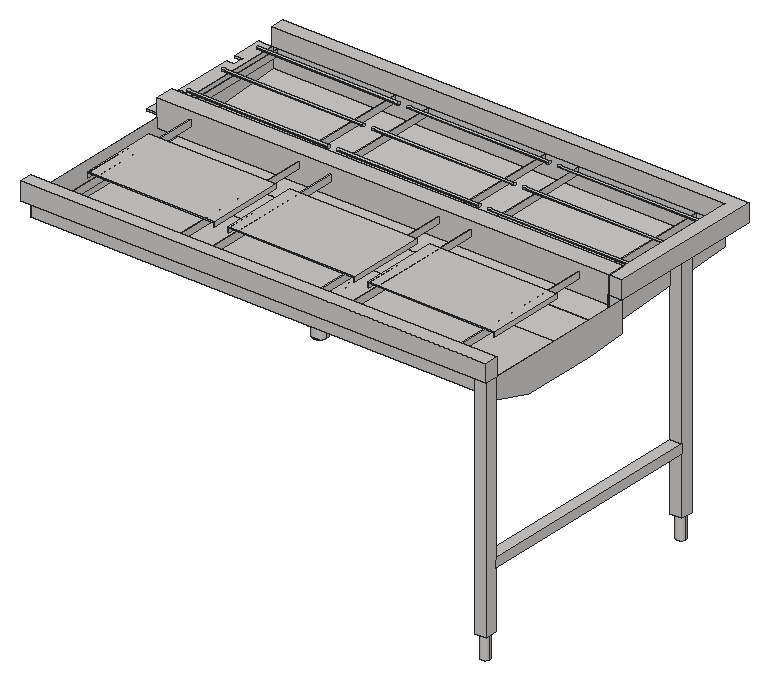
Revit family "QF_ZANUSSI_865468_HSDDPTS3LR", category Attrezzature speciali, Revit 2020
Family settings
  Quota connettore circolare = Usa diametro
  Tipo di parte = Normale
  Basato su piano di lavoro = No
  Sempre verticale = Sì
  Taglio con vuoti quando caricato = No
  Condiviso = No
  Punto di calcolo locali = No
Parameters (values of type "Standard")
  Weight = 42.00 kg
  Watts = 0 W
  Volts = 0 V
  URL Manufacturer = "http://www.zanussiprofessional.com"
  URL = "http://www.zanussiprofessional.com"
  Steam Supply Size = 0 mm
  Steam Supply Minimum Pressure = 0.0 Pa
  Steam Supply Maximum Pressure = 0.0 Pa
  Steam Consumption per Hour = 0
  Refrigeration Suction Line Size = 0 mm
  Refrigeration Liquid Line Size = 0 mm
  Refrigerant Compressor Remote = yes
  Prospetto di default = 0 mm
  Produttore = "Zanussi"
  Phase = 0
  Modello = "HSDDPTS3LR"
  Length Actual = 1576 mm  # constant formula
  Item Number = "865468"
  Hot Water Size = 0 mm
  Height Actual = 910 mm  # constant formula
  HP = "0 HP"
  Gas Size = 0 mm
  Gas KW = 0
  Gas Input Pressure = 0 W
  Direct Waste Size = 139.7 mm
  Descrizione = "PASS-THROUGH AUTOMATIC SORTING TABLE, DISHWASHER DRIVEN, 3 BASKETS, RIGHT>LEFT, 1576 MM"
  Depth Actual = 1110 mm  # constant formula
  Cycle = 0 Hz
  Condensate Return Size = 0 mm
  Compressed Air Volume = 0.0 L/s
  Compressed Air Size = 0 mm
  Compressed Air Pressure = 0.0 Pa
  Cold Water Size = 0 mm
  Accessory = yes
Reference planes
  plane 1: z = 0
  plane 2 "R": x = 257
  plane 3: z = 910
  plane 4: z = 0
  plane 5: z = 300
  plane 6 "BACK": y = 310
  plane 7 "FRONT": y = -800
  plane 8 "LEFT": x = -1320
  plane 9: y = -310
Forms (mm)
  Extrusion 1, solid, material "QF_Finishes_Stainless Steel"
    sketch origin (-43, -490, 0) x (-1, 0, 0) y (0, -1, 0)
      loop
        line (1277, -800) -> (1277, -755) -> (-255, -755) -> (-255, -265) -> (-300, -265) -> (-300, -800) -> (1277, -800)
      loop
        line (1277, 265) -> (1277, 310) -> (-300, 310) -> (-300, 265) -> (1277, 265)
    from 850.091 to 910
  Extrusion 2, solid, material "QF_Finishes_Stainless Steel"
    sketch origin (-43, -490, 0) x (0, -1, 0) y (0, 0, 1)
      loop
        line (-756.248, 850.091) -> (-756.248, 781.928) -> (-265, 747.511) -> (-265, 750.519) -> (-755, 784.848) -> (-755, 850.091) -> (-756.248, 850.091)
    from -255 to 1275
  Revolve 3, solid, material "QF_Finishes_Stainless Steel"
    sketch origin (-553, -490.526, -123.199) x (-1, 0, 0) y (0, 0, 1)
      loop
        line (76.494, 861.337) -> (0, 861.337) -> (0, 697.377) -> (21.946, 697.377) -> (23.47, 698.838) -> (23.47, 734.749) -> (37.25, 740.749) -> (37.25, 742.336) -> (38.457, 743.987) -> (38.457, 746.476)
        arc (38.457, 746.476) -> (65.844, 763.962) -> (76.494, 794.661) r 49.516
        line (76.494, 794.661) -> (76.494, 834.985)
        arc (76.494, 834.985) -> (75.887, 836.598) -> (74.377, 837.43) r 2.49
        arc (74.377, 837.43) -> (71.083, 841.301) -> (74.39, 845.16) r 3.913
        arc (74.39, 845.16) -> (75.89, 845.987) -> (76.494, 847.59) r 2.474
        line (76.494, 847.59) -> (76.494, 861.337)
      axis (0, 861.337) -> (0, 697.377)
    angle from 0 to 360
  Extrusion 4, solid, material "QF_Finishes_Stainless Steel"
    sketch origin (-43, -490, 0) x (-1, 0, 0) y (0, -1, 0)
      loop
        line (-255, -330.124) -> (1275, -330.124) -> (1275, -265) -> (-255, -265) -> (-255, -330.124)
    from 820 to 910
  Extrusion 5, solid, material "QF_Finishes_Stainless Steel"
    sketch origin (-1320, -490, 0) x (0, -1, 0) y (0, 0, 1)
      loop
        line (-756.248, 781.928) -> (-131.216, 738.138) -> (130.849, 738.138) -> (266.249, 782.13) -> (266.249, 850.091) -> (-756.248, 850.091) -> (-756.248, 781.928)
    from 0 to -2
  Extrusion 6, solid, material "QF_Finishes_Stainless Steel"
    sketch origin (214, -490, 0) x (0, -1, 0) y (0, 0, -1)
      loop
        line (-756.248, -850.091) -> (-265, -850.091) -> (-265, -747.511) -> (-756.248, -781.928) -> (-756.248, -850.091)
    from 0 to -2
  Extrusion 7, solid, material "QF_Finishes_Stainless Steel"
    sketch origin (-1069, -490.054, -598.981) x (1, 0, 0) y (0, 1, 0)
      loop
        line (1284.5, -266.195) -> (1324.5, -266.195) -> (1324.5, 521.792) -> (1284.5, 521.792) -> (1284.5, -266.195)
    from 869.081 to 898.981
  Extrusion 8, solid, material "QF_Finishes_Stainless Steel"
    sketch origin (-43, -482.737, 2.863) x (-1, 0, 0) y (0, -1, 0)
      loop
        line (-200.029, -694.438) -> (-196.981, -694.438) -> (-196.981, -322.861) -> (-200.029, -322.861) -> (-200.029, -694.438)
      loop
        line (196.981, -694.438) -> (200.029, -694.438) -> (200.029, -322.861) -> (196.981, -322.861) -> (196.981, -694.438)
      loop
        line (1220.049, -694.438) -> (1220.049, -322.861) -> (1217.001, -322.861) -> (1217.001, -694.438) -> (1220.049, -694.438)
      loop
        line (823.039, -694.438) -> (823.039, -322.861) -> (819.991, -322.861) -> (819.991, -694.438) -> (823.039, -694.438)
      loop
        line (710.007, -694.438) -> (710.007, -322.861) -> (707.023, -322.861) -> (707.023, -694.438) -> (710.007, -694.438)
      loop
        line (312.997, -694.438) -> (312.997, -322.861) -> (310.013, -322.861) -> (310.013, -694.438) -> (312.997, -694.438)
    from 860 to 881.896
  Extrusion 9, solid, material "QF_Finishes_Stainless Steel"
    sketch origin (-2370.512, -755, 0) x (0, -1, 0) y (0, 0, -1)
      loop
        circle (-937.158, -888.745) r 3.985
      loop
        circle (-788.819, -888.745) r 3.985
      loop
        circle (-640.48, -888.745) r 3.985
    from 1067.5 to 1547.5
  Extrusion 10, solid, material "QF_Finishes_Stainless Steel"
    sketch origin (-1860.533, -755, 0) x (0, -1, 0) y (0, 0, -1)
      loop
        circle (-937.158, -888.745) r 3.985
      loop
        circle (-788.819, -888.745) r 3.985
      loop
        circle (-640.48, -888.745) r 3.985
    from 1067.5 to 1547.5
  Extrusion 11, solid, material "QF_Finishes_Stainless Steel"
    sketch origin (-1350.491, -755, 0) x (0, -1, 0) y (0, 0, -1)
      loop
        circle (-937.158, -888.745) r 3.985
      loop
        circle (-788.819, -888.745) r 3.985
      loop
        circle (-640.48, -888.745) r 3.985
    from 1067.5 to 1547.5
  Extrusion 12, solid, material "QF_Finishes_Stainless Steel"
    sketch origin (-318, 1800.751, 0) x (0, -1, 0) y (0, 0, -1)
      loop
        line (2597.773, -875) -> (2597.773, -872) -> (2557, -872) -> (2557, -875) -> (2597.773, -875)
    from 0 to 530
  Extrusion 13, solid, material "QF_Finishes_Stainless Steel"
    sketch origin (-105.5, -1203.272, 0) x (-1, 0, 0) y (0, 0, -1)
      loop
        line (-317.5, -850.091) -> (-317.5, -875) -> (212.5, -875) -> (212.5, -850.091) -> (-317.5, -850.091)
    from -448.272 to -447.022
  Extrusion 14, solid, material "QF_Finishes_Stainless Steel"
    sketch origin (-43, -490, 0) x (1, 0, 0) y (0, 0, -1)
      loop
        line (-1159.991, -862.863) -> (-1163.039, -862.863) -> (-1163.039, -884.759) -> (-1159.991, -884.759) -> (-1159.991, -862.863)
      loop
        line (-794.991, -862.863) -> (-798.039, -862.863) -> (-798.039, -884.759) -> (-794.991, -884.759) -> (-794.991, -862.863)
      loop
        line (-684.991, -862.863) -> (-688.039, -862.863) -> (-688.039, -884.759) -> (-684.991, -884.759) -> (-684.991, -862.863)
      loop
        line (-319.991, -862.863) -> (-323.039, -862.863) -> (-323.039, -884.759) -> (-319.991, -884.759) -> (-319.991, -862.863)
      loop
        line (-209.991, -862.863) -> (-213.039, -862.863) -> (-213.039, -884.759) -> (-209.991, -884.759) -> (-209.991, -862.863)
      loop
        line (155.009, -862.863) -> (151.961, -862.863) -> (151.961, -884.759) -> (155.009, -884.759) -> (155.009, -862.863)
    from -265 to 265
  Extrusion 15, solid, material "QF_Finishes_Stainless Steel"
    sketch origin (-40.5, -490, 0) x (1, 0, 0) y (0, 0, -1)
      loop
        line (-769.039, -884.759) -> (-1193.039, -884.759) -> (-1193.039, -871.646) -> (-1196.039, -871.646) -> (-1196.039, -887.746) -> (-766.039, -887.746) -> (-766.039, -871.646) -> (-769.039, -871.646) -> (-769.039, -884.759)
    from -130.374 to 131.111
  Extrusion 16, solid, material "QF_Finishes_Stainless Steel"
    sketch origin (434.5, -490, 0) x (1, 0, 0) y (0, 0, -1)
      loop
        line (-769.039, -884.759) -> (-1193.039, -884.759) -> (-1193.039, -871.646) -> (-1196.039, -871.646) -> (-1196.039, -887.746) -> (-766.039, -887.746) -> (-766.039, -871.646) -> (-769.039, -871.646) -> (-769.039, -884.759)
    from -130.374 to 131.111
  Extrusion 17, solid, material "QF_Finishes_Stainless Steel"
    sketch origin (909.5, -490, 0) x (1, 0, 0) y (0, 0, -1)
      loop
        line (-769.039, -884.759) -> (-1193.039, -884.759) -> (-1193.039, -871.646) -> (-1196.039, -871.646) -> (-1196.039, -887.746) -> (-766.039, -887.746) -> (-766.039, -871.646) -> (-769.039, -871.646) -> (-769.039, -884.759)
    from -130.374 to 131.111
  Extrusion 18, solid, material "QF_Finishes_Stainless Steel"
    sketch origin (2, 0, 845.091) x (1, 0, 0) y (0, 1, 0)
      loop
        line (-1322, 265) -> (-1368, 265) -> (-1368, 165) -> (-1342, 165) -> (-1342, 130) -> (-1368, 130) -> (-1368, -70) -> (-1342, -70) -> (-1342, -105) -> (-1368, -105) -> (-1368, -205) -> (-1322, -205) -> (-1322, 265)
    from 0 to 5
  Extrusion 19, solid, material "QF_Finishes_Stainless Steel"
    sketch origin (-41.5, -1066.249, 0) x (1, 0, 0) y (0, 1, 0)
      loop
        line (257, 310) -> (257, 270) -> (297, 270) -> (297, 310) -> (257, 310)
    from 75 to 850.091
  Extrusion 20, solid, material "QF_Finishes_Stainless Steel"
    sketch origin (-41.5, -20, 0) x (1, 0, 0) y (0, 1, 0)
      loop
        circle (277, -756.249) r 15
    from 0 to 75
  Extrusion 21, solid, material "QF_Finishes_Stainless Steel"
    sketch origin (-41.5, -238.262, 0) x (1, 0, 0) y (0, 1, 0)
      loop
        line (257, 310) -> (257, 270) -> (297, 270) -> (297, 310) -> (257, 310)
    from 75 to 850.091
  Extrusion 22, solid, material "QF_Finishes_Stainless Steel"
    sketch origin (-41.5, 807.987, 0) x (1, 0, 0) y (0, 1, 0)
      loop
        circle (277, -756.249) r 15
    from 0 to 75
  Extrusion 23, solid, material "QF_Finishes_Stainless Steel"
    sketch origin (788, 0, 0) x (0, 1, 0) y (0, 0, 1)
      loop
        line (-225, 850.091) -> (-756.249, 850.091) -> (-756.249, 782.13) -> (-620.849, 738.138) -> (-358.784, 738.138) -> (-225, 747.511) -> (-225, 850.091)
    from -533 to -531
  Extrusion 24, solid, material "QF_Finishes_Stainless Steel"
    sketch origin (770, 267.5, 0) x (0, 1, 0) y (0, 0, -1)
      loop
        line (-626.389, -741.138) -> (-492.5, -750.519) -> (-492.5, -747.511) -> (-626.284, -738.138) -> (-888.349, -738.138) -> (-1023.749, -782.13) -> (-1023.749, -850.091) -> (-1022.5, -850.091) -> (-1022.5, -784.879) -> (-887.874, -741.138) -> (-626.389, -741.138)
    from 515 to 2088
  Extrusion 25, solid, material "QF_Finishes_Stainless Steel"
    sketch origin (0, -225, 0) x (1, 0, 0) y (0, 0, 1)
      loop
        line (212, 850.091) -> (212, 750.519) -> (255, 750.519) -> (255, 850.091) -> (212, 850.091)
    from 0 to 2
Dimensions and locks
  plane 3 to level = 910 mm
  plane 6 "BACK" to plane 7 "FRONT" = 1110 mm
  plane 6 "BACK" to plane 9 = 620 mm
  Extrusion 5 to Extrusion 1 = 1530 mm
  Extrusion 18 to Extrusion 1 = 1623 mm
  aligned and locked: level to plane 1
Connectors
  piping at (-553, -490.526, 574.178), diameter 40
    settings: on Revolve 3, index 1, connector inside diameter 609.6 mm, connector length 0 mm, flow factor 0, pipe flow 0.0 L/s, pressure drop 0.0 Pa, fitting loss kfactor 0, connector angle 0.00°, fixture units 0, engagement length 0 mm, angle of deflection 0.00°, flow configuration 1, flow direction 2, fitting loss method 0, system type 29, joint type 0, gender type 0, connector reference index -1, connector utility 0, adjustable connector no, is connector primary yes, connector description "D"
